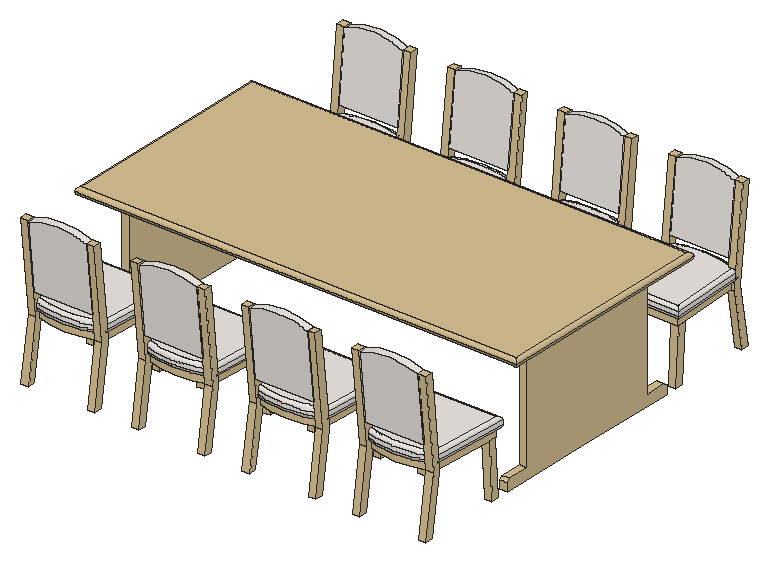
Revit family "ダイニングセット", category 家具, Revit 2022
Family settings
  作業面ベース = いいえ
  常に垂直 = はい
  ロード時にボイドで切り取り = いいえ
  レンダリングの外観ソース = ファミリ ジオメトリ
  共有 = いいえ
  部屋計算ポイント = いいえ
Parameters (values of type "W2400XD1200")
  既定の高さ = 0 mm
  本体 = 木目 - ナチュラル
  幅 = 2400 mm
  奥行き = 1200 mm
  個数 = 幅 / 600 mm  # 4
  キーノート = "12490.CC1"
  座面 = モチアミ - 無地 - ホワイト
Types (4, lengths in mm): name | 幅 | 奥行き | 個数
  (no name) | 2400 | 1200 | 4
  W1200XD750 | 1200 | 750 | 2
  W1800XD900 | 1800 | 900 | 3
  W2400XD1200 | 2400 | 1200 | 4
Reference planes
  plane 1 "中心(正面/背面)": y = 0
  plane 2: z = 0
  plane 3 "中心(左/右)": x = 0
  plane 4: y = 600
  plane 5: y = -600
  plane 6: x = 1200
  plane 7: x = -1200
  plane 8: x = -1180
  plane 9: x = 1180
  plane 10: y = 580
  plane 11: y = -580
  plane 12: z = 700
  plane 13: z = 660
  plane 14: x = -1100
  plane 15: x = -1060
  plane 16: x = 1100
  plane 17: x = 1060
  plane 18: x = -900
  plane 19: x = 900
  plane 20: y = -852.544
  plane 21: y = 852.544
Forms (mm)
  Extrusion 1, solid, material "木目 - ナチュラル" <- "本体"
    sketch origin (0, 0, 0) x (1, 0, 0) y (0, 1, 0)
      loop
        line (-1180, 580) -> (-1180, -580) -> (1180, -580) -> (1180, 580) -> (-1180, 580)
    from 660 to 700
  Sweep 2, solid, material "木目 - ナチュラル" <- "本体"
    path origin (0, 0, 660) x (0, -1, 0) y (1, 0, 0)
      loop
        line (-580, -1180) -> (580, -1180) -> (580, 1180) -> (-580, 1180) -> (-580, -1180)
    profile origin (0, 0, 0) x (0, 1, 0) y (0, 0, 1)
      loop
        arc (580, 660) -> (594.142, 665.858) -> (600, 680) r 20
        arc (600, 680) -> (594.142, 694.142) -> (580, 700) r 20
        line (580, 700) -> (580, 660)
  Extrusion 3, solid, material "木目 - ナチュラル" <- "本体"
    sketch origin (0, 0, 0) x (0, 1, 0) y (0, 0, 1)
      loop
        line (0, 660) -> (-405, 660) -> (-405, 60) -> (-525, 60) -> (-539.142, 45.858) -> (-539.142, 0) -> (0, 0) -> (539.142, 0) -> (539.142, 45.858) -> (525, 60) -> (405, 60) -> (405, 660) -> (0, 660)
    from -1100 to -1060
  Extrusion 4, solid, material "木目 - ナチュラル" <- "本体"
    sketch origin (0, 0, 0) x (0, 1, 0) y (0, 0, -1)
      loop
        line (0, -660) -> (405, -660) -> (405, -60) -> (525, -60) -> (539.142, -45.858) -> (539.142, 0) -> (0, 0) -> (-539.142, 0) -> (-539.142, -45.858) -> (-525, -60) -> (-405, -60) -> (-405, -660) -> (0, -660)
    from -1100 to -1060
Cuts and joins
  joined: Extrusion 1, Sweep 2
Lines and regions (mm)
  Masking region 1
    outline origin (0, 0, 660) x (0, -1, 0) y (1, 0, 0)
      loop
        line (600, -1200) -> (600, 1200) -> (-600, 1200) -> (-600, -1200) -> (600, -1200)
  symbolic lines
    curve 1: line (-1200, 600, 0) -> (-1179.554, 580, 0)
    curve 2: line (1180, 580, 0) -> (1200, 600, 0)
    curve 3: line (1180, -580, 0) -> (1200, -600, 0)
    curve 4: line (-1180, -580, 0) -> (-1200, -600, 0)
    curve 5: line (-1200, 600, 660) -> (-1200, -600, 660)
    curve 6: line (-1200, -600, 660) -> (1200, -600, 660)
    curve 7: line (1200, -600, 660) -> (1200, 600, 660)
    curve 8: line (1200, 600, 660) -> (-1200, 600, 660)
Dimensions and locks
  "幅": plane 7 to plane 6
  "奥行き": plane 5 to plane 4
  equal spacing: plane 7, plane 3 "中心(左/右)", plane 6
  equal spacing: plane 5, plane 1 "中心(正面/背面)", plane 4
  locked: plane 7 to plane 8 at 20
  locked: plane 10 to plane 4 at 20
  locked: plane 5 to plane 11 at 20
  locked: plane 9 to plane 6 at 20
  locked: plane 12 to level at 700
  locked: plane 12 to plane 13 at 40
  locked: plane 8 to plane 14 at 80
  locked: plane 14 to plane 15 at 40
  locked: plane 16 to plane 9 at 80
  locked: plane 17 to plane 16 at 40
  locked: plane 7 to plane 18 at 300
  locked: plane 19 to plane 6 at 300
  equal spacing: group 1, group 5, group 6, group 2  (x3)
  locked: plane 20 to plane 5 at 252.544
  locked: plane 4 to plane 21 at 252.544
  equal spacing: group 3, group 7, group 8, group 4  (x3)
  aligned and locked: Extrusion 1 to plane 13
  aligned and locked: Extrusion 1 to plane 12
  aligned and locked: plane 14 to Extrusion 3
  aligned and locked: Extrusion 3 to plane 15
  aligned and locked: Extrusion 4 to plane 17
  aligned and locked: Extrusion 4 to plane 16
  aligned and locked: nested 1 to plane 18
  aligned and locked: plane 19 to nested 2
  aligned and locked: nested 1 to plane 20
  aligned and locked: plane 20 to nested 2
  aligned and locked: nested 3 to plane 21
  aligned and locked: nested 3 to plane 18
  aligned and locked: nested 4 to plane 19
  aligned and locked: plane 21 to nested 4
Automatic sketch dimensions
  Extrusion 1 sketch curve to plane 8 = 0 mm
  Extrusion 1 sketch curve to plane 9 = 0 mm
  Extrusion 1 sketch curve to plane 11 = 0 mm
  Extrusion 1 sketch curve to plane 10 = 0 mm
  Sweep 2 sketch curve to plane 9 = 0 mm
  Sweep 2 sketch curve to plane 10 = 0 mm
  Sweep 2 sketch curve to plane 8 = 0 mm
  Sweep 2 sketch curve to plane 11 = 0 mm
  Sweep 2 sketch curve to plane 13 = 0 mm
  Sweep 2 sketch curve to Sweep 2 sketch curve = 20 mm
  Sweep 2 sketch curve to profile plane = 0 mm
  Extrusion 3 sketch curve to level = 0 mm
  Extrusion 3 sketch curve to plane 13 = 0 mm
  Extrusion 3 sketch curve to plane 1 "中心(正面/背面)" = 0 mm  (x2)
  Extrusion 3 sketch curve to plane 11 = 175 mm
  Extrusion 3 sketch curve to plane 11 = 55 mm
  Extrusion 3 sketch curve to Extrusion 3 sketch curve = 14.142 mm  (x3)
  level to Extrusion 3 sketch curve = 45.858 mm
  level to Extrusion 3 sketch curve = 60 mm
  plane 10 to Extrusion 3 sketch curve = 175 mm
  plane 10 to Extrusion 3 sketch curve = 55 mm
  plane 10 to Extrusion 3 sketch curve = 40.858 mm
  Extrusion 4 sketch curve to level = 0 mm
  Extrusion 4 sketch curve to plane 13 = 0 mm
  Extrusion 4 sketch curve to plane 1 "中心(正面/背面)" = 0 mm  (x2)
  level to Extrusion 4 sketch curve = 60 mm  (x2)
  Extrusion 4 sketch curve to plane 11 = 175 mm
  Extrusion 4 sketch curve to plane 11 = 55 mm
  Extrusion 4 sketch curve to plane 11 = 40.858 mm
  plane 10 to Extrusion 4 sketch curve = 175 mm
  plane 10 to Extrusion 4 sketch curve = 55 mm
  plane 10 to Extrusion 4 sketch curve = 40.858 mm
  Extrusion 4 sketch curve to Extrusion 4 sketch curve = 14.142 mm  (x2)
  curve 1 to plane 4 = 0 mm
  curve 4 to plane 5 = 0 mm
  curve 4 to plane 7 = 0 mm
  curve 4 to plane 8 = 0 mm
  curve 1 to plane 10 = 0 mm
  curve 2 to plane 9 = 0 mm
  curve 3 to plane 9 = 0 mm
  curve 2 to plane 6 = 0 mm
  curve 4 to plane 11 = 0 mm
  curve 3 to plane 11 = 0 mm
  curve 2 to plane 10 = 0 mm
  curve 1 to plane 8 = 0.446 mm
  curve 1 to plane 7 = 0 mm
  curve 3 to plane 6 = 0 mm
  curve 2 to plane 4 = 0 mm
  curve 3 to plane 5 = 0 mm
  Masking region 1 sketch curve to plane 5 = 0 mm
  Masking region 1 sketch curve to plane 4 = 0 mm
  plane 7 to Masking region 1 sketch curve = 0 mm
  Masking region 1 sketch curve to plane 6 = 0 mm
  curve 8 to plane 4 = 0 mm
  curve 5 to plane 5 = 0 mm
  curve 8 to plane 7 = 0 mm
  curve 8 to plane 6 = 0 mm
Nested families
  nested 1: "ﾀﾞｲﾆﾝｸﾞﾁｪｱ" at (-900, -852.544, 0), type "ﾀﾞｲﾆﾝｸﾞﾁｪｱ"
  nested 2: "ﾀﾞｲﾆﾝｸﾞﾁｪｱ" at (900, -852.544, 0), type "ﾀﾞｲﾆﾝｸﾞﾁｪｱ"
  nested 3: "ﾀﾞｲﾆﾝｸﾞﾁｪｱ" at (-900, 852.544, 0), type "ﾀﾞｲﾆﾝｸﾞﾁｪｱ"
  nested 4: "ﾀﾞｲﾆﾝｸﾞﾁｪｱ" at (900, 852.544, 0), type "ﾀﾞｲﾆﾝｸﾞﾁｪｱ"
  nested 5: "ﾀﾞｲﾆﾝｸﾞﾁｪｱ" at (-300, -852.544, 0), type "ﾀﾞｲﾆﾝｸﾞﾁｪｱ"
  nested 6: "ﾀﾞｲﾆﾝｸﾞﾁｪｱ" at (300, -852.544, 0), type "ﾀﾞｲﾆﾝｸﾞﾁｪｱ"
  nested 7: "ﾀﾞｲﾆﾝｸﾞﾁｪｱ" at (-300, 852.544, 0), type "ﾀﾞｲﾆﾝｸﾞﾁｪｱ"
  nested 8: "ﾀﾞｲﾆﾝｸﾞﾁｪｱ" at (300, 852.544, 0), type "ﾀﾞｲﾆﾝｸﾞﾁｪｱ"
Definition of nested family "ﾀﾞｲﾆﾝｸﾞﾁｪｱ"
  Parameters
    Default Elevation = 0 mm
    本体 = none
    座面 = none
    Keynote = ""
    Assembly Code = ""
  Reference planes
    plane 1 "中心(正面/背面)": y = 0
    plane 2: z = 0
    plane 3 "中心(左/右)": x = 0
    plane 4: z = 400.291
    plane 5: z = 900
  Forms (mm)
    Extrusion 1, solid, material <- "本体"
      sketch origin (0, 0, 660) x (0, -1, 0) y (-1, 0, 0)
        loop
          line (-233.324, -200) -> (158.625, -179.571)
          arc (158.625, -179.571) -> (191.454, 0) -> (158.625, 179.571) r 507.518
          line (158.625, 179.571) -> (-233.324, 200) -> (-233.324, -200)
      from 320 to 360
    Extrusion 2, solid, material <- "本体"
      sketch origin (0, 0, 0) x (0, 1, 0) y (0, 0, 1)
        loop
          line (-150.385, 335.309) -> (-202.573, 805) -> (-242.689, 805) -> (-187.842, 311.37) -> (-237.901, -4.691) -> (-197.901, -4.691) -> (-150.385, 295.309) -> (-150.385, 335.309)
        loop
          line (230.561, 300.291) -> (190.507, 300.291) -> (206.339, -1.802) -> (246.284, 0.291) -> (230.561, 300.291)
      from 160 to 200
    Sweep 3, solid, material <- "座面"
      path origin (0, 0, 400.291) x (0, 1, 0) y (-1, 0, 0)
        loop
          line (233.324, 200) -> (-158.625, 179.571)
          arc (-158.625, 179.571) -> (-191.454, 0) -> (-158.625, -179.571) r 507.518
          line (-158.625, -179.571) -> (233.324, -200) -> (233.324, 200)
      profile origin (-2.456, 47.114, 0) x (0.998644, 0.052052, 0) y (0, 0, 1)
        loop
          line (-187.584, 400.291) -> (-189.584, 400.291)
          arc (-189.584, 400.291) -> (-202.312, 395.019) -> (-207.584, 382.291) r 18
          line (-207.584, 382.291) -> (-207.584, 358.291)
          arc (-207.584, 358.291) -> (-202.312, 345.564) -> (-189.584, 340.291) r 18
          line (-189.584, 340.291) -> (-187.584, 340.291) -> (-187.584, 400.291)
    Extrusion 4, solid, material <- "本体"
      sketch origin (0, 0, 0) x (0, 1, 0) y (0, 0, -1)
        loop
          line (-150.385, -335.309) -> (-150.385, -295.309) -> (-197.901, 4.691) -> (-237.901, 4.691) -> (-187.842, -311.37) -> (-242.689, -805) -> (-202.573, -805) -> (-150.385, -335.309)
        loop
          line (230.561, -300.291) -> (246.284, -0.291) -> (206.339, 1.802) -> (190.507, -300.291) -> (230.561, -300.291)
      from 160 to 200
    Extrusion 5, solid, material <- "座面"
      sketch origin (0, 0, 400.291) x (0, 1, 0) y (1, 0, 0)
        loop
          line (233.324, -200) -> (233.324, 200) -> (-158.625, 179.571)
          arc (-158.625, 179.571) -> (-191.454, 0) -> (-158.625, -179.571) r 507.518
          line (-158.625, -179.571) -> (233.324, -200)
      from 0 to 60
    Extrusion 6, solid, material <- "座面"
      sketch origin (0, -115.309, 1.522) x (1, 0, 0) y (0, -0.104528, 0.994522)
        loop
          line (-160, 805) -> (-160, 445) -> (160, 445) -> (160, 805)
          arc (160, 805) -> (0, 837.716) -> (-160, 805) r 407.6
      from 0 to 40
  Cuts and joins
    joined: Sweep 3, Extrusion 5
  Lines and regions (mm)
    Masking region 1
      outline origin (0, 0, 400.291) x (0, 1, 0) y (-1, 0, 0)
        loop
          line (-150.906, 200) -> (-197.901, 200) -> (-242.689, 200) -> (-242.689, -200) -> (-197.901, -200) -> (-150.906, -200) -> (253.324, -221.07) -> (253.324, 221.07) -> (-150.906, 200)
    symbolic lines
      curve 1: line (-200, -197.901, 0) -> (200, -197.901, 0)
      curve 2: arc (-198.873, -172.531, 0) -> (-159.704, -187.936, 0) -> (-118.811, -197.901, 0) r 310.465
      curve 3: arc (115, -197.901, 0) -> (157.602, -187.416, 0) -> (198.873, -172.531, 0) r 418.72
    symbolic lines, detail levels medium+fine
      curve 4: line (-160, -242.689, 0) -> (-160, -187.842, 0)
      curve 5: line (160, -242.689, 0) -> (160, -186.683, 0)
      curve 6: line (-200, 233.324, 0) -> (200, 233.324, 0)
      curve 7: line (200, 233.324, 0) -> (179.571, -158.625, 0)
      curve 8: line (179.571, -158.625, 0) -> (198.873, -172.531, 0)
      curve 9: line (200, 233.324, 0) -> (221.07, 253.324, 0)
      curve 10: line (-200, 233.324, 0) -> (-221.07, 253.324, 0)
      curve 11: line (-200, 233.324, 0) -> (-179.571, -158.625, 0)
      curve 12: line (-179.571, -158.625, 0) -> (-198.873, -172.531, 0)
      curve 13: arc (-179.571, -158.625, 0) -> (0, -191.454, 0) -> (179.571, -158.625, 0) r 507.518
  Dimensions and locks
    level to plane 4 = 400.291 mm
